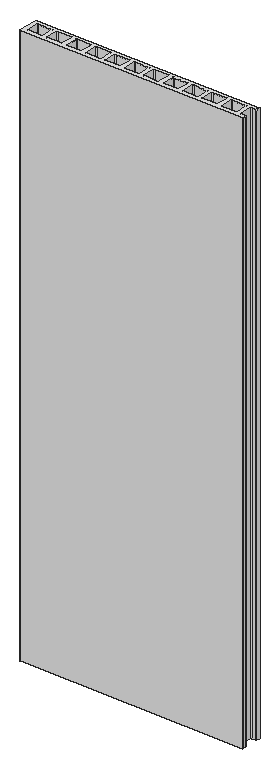
Revit family "ECP_MNH-7580A(オス側カット)", category 一般モデル, Revit 2022
Family settings
  鉄筋をホスト可能 = いいえ
  丸型コネクタ寸法 = 直径を使用
  パーツ タイプ = 標準
  作業面ベース = いいえ
  常に垂直 = はい
  ロード時にボイドで切り取り = はい
  注釈の向きを維持 = いいえ
  共有 = いいえ
  部屋計算ポイント = いいえ
Parameters (values of type "ECP_MNH-7580A")
  長さ [instance] = 2000 mm
  穴表示 = yes
  材質 = 40Msr_ECP
  既定の高さ = 0 mm
  既存長さ = 800 mm
  幅 [instance] = 790 mm
  固定寸法 = 790 mm
  厚さ = 75 mm
  オース側カット [instance] = 固定寸法 - 幅  # 0 mm
  4 オス側カット [instance] = yes
Reference planes
  plane 1 "中心(正面/背面)": y = 0
  plane 2: z = 0
  plane 3 "中心(左/右)": x = 0
  plane 4: y = -37.5
  plane 5: y = 37.5
  plane 6: z = 2000
  plane 7: x = 790
  plane 8: x = 0
Forms (mm)
  Extrusion 1, solid, material "40Msr_ECP" <- "材質", detail levels fine
    sketch origin (0, 0, 0) x (1, 0, 0) y (0, 1, 0)
      loop
        line (0, -35.5) -> (2, -37.5) -> (788, -37.5) -> (790, -35.5) -> (790, -25.5)
        arc (790, -25.5) -> (789.121, -23.379) -> (787, -22.5) r 3
        line (787, -22.5) -> (773, -22.5)
        arc (773, -22.5) -> (770.879, -21.621) -> (770, -19.5) r 3
        line (770, -19.5) -> (770, 19.5)
        arc (770, 19.5) -> (770.879, 21.621) -> (773, 22.5) r 3
        line (773, 22.5) -> (787, 22.5)
        arc (787, 22.5) -> (789.121, 23.379) -> (790, 25.5) r 3
        line (790, 25.5) -> (790, 35.5) -> (788, 37.5) -> (2, 37.5) -> (0, 35.5) -> (0, 22.5)
        arc (0, 22.5) -> (-0.879, 20.379) -> (-3, 19.5) r 3
        line (-3, 19.5) -> (-17, 19.5)
        arc (-17, 19.5) -> (-19.121, 18.621) -> (-20, 16.5) r 3
        line (-20, 16.5) -> (-20, -16.5)
        arc (-20, -16.5) -> (-19.121, -18.621) -> (-17, -19.5) r 3
        line (-17, -19.5) -> (-3, -19.5)
        arc (-3, -19.5) -> (-0.879, -20.379) -> (0, -22.5) r 3
        line (0, -22.5) -> (0, -35.5)
    from 0 to 2000
  Extrusion 2, void
    sketch origin (-50, 0, 0) x (1, 0, 0) y (0, 1, 0)
      loop
        line (30, -37.5) -> (50, -37.5) -> (50, 37.5) -> (30, 37.5) -> (30, -37.5)
    from 0 to 2000
  Extrusion 3, void
    sketch origin (-617, 0, 0) x (1, 0, 0) y (0, 1, 0)
      loop
        line (634.15, -22.5) -> (682.85, -22.5)
        arc (682.85, -22.5) -> (684.972, -21.621) -> (685.85, -19.5) r 3
        line (685.85, -19.5) -> (685.85, 19.5)
        arc (685.85, 19.5) -> (684.972, 21.621) -> (682.85, 22.5) r 3
        line (682.85, 22.5) -> (634.15, 22.5)
        arc (634.15, 22.5) -> (632.029, 21.621) -> (631.15, 19.5) r 3
        line (631.15, 19.5) -> (631.15, -19.5)
        arc (631.15, -19.5) -> (632.029, -21.621) -> (634.15, -22.5) r 3
      loop
        line (702.85, -22.5) -> (751.55, -22.5)
        arc (751.55, -22.5) -> (753.672, -21.621) -> (754.55, -19.5) r 3
        line (754.55, -19.5) -> (754.55, 19.5)
        arc (754.55, 19.5) -> (753.672, 21.621) -> (751.55, 22.5) r 3
        line (751.55, 22.5) -> (702.85, 22.5)
        arc (702.85, 22.5) -> (700.729, 21.621) -> (699.85, 19.5) r 3
        line (699.85, 19.5) -> (699.85, -19.5)
        arc (699.85, -19.5) -> (700.729, -21.621) -> (702.85, -22.5) r 3
      loop
        line (771.5, -22.5) -> (820.25, -22.5)
        arc (820.25, -22.5) -> (822.372, -21.621) -> (823.25, -19.5) r 3
        line (823.25, -19.5) -> (823.25, 19.5)
        arc (823.25, 19.5) -> (822.372, 21.621) -> (820.25, 22.5) r 3
        line (820.25, 22.5) -> (771.5, 22.5)
        arc (771.5, 22.5) -> (769.379, 21.621) -> (768.5, 19.5) r 3
        line (768.5, 19.5) -> (768.5, -19.5)
        arc (768.5, -19.5) -> (769.379, -21.621) -> (771.5, -22.5) r 3
      loop
        line (840.25, -22.5) -> (888.95, -22.5)
        arc (888.95, -22.5) -> (891.072, -21.621) -> (891.95, -19.5) r 3
        line (891.95, -19.5) -> (891.95, 19.5)
        arc (891.95, 19.5) -> (891.072, 21.621) -> (888.95, 22.5) r 3
        line (888.95, 22.5) -> (840.25, 22.5)
        arc (840.25, 22.5) -> (838.129, 21.621) -> (837.25, 19.5) r 3
        line (837.25, 19.5) -> (837.25, -19.5)
        arc (837.25, -19.5) -> (838.129, -21.621) -> (840.25, -22.5) r 3
      loop
        line (908.95, -22.5) -> (957.65, -22.5)
        arc (957.65, -22.5) -> (959.772, -21.621) -> (960.65, -19.5) r 3
        line (960.65, -19.5) -> (960.65, 19.5)
        arc (960.65, 19.5) -> (959.772, 21.621) -> (957.65, 22.5) r 3
        line (957.65, 22.5) -> (908.95, 22.5)
        arc (908.95, 22.5) -> (906.829, 21.621) -> (905.95, 19.5) r 3
        line (905.95, 19.5) -> (905.95, -19.5)
        arc (905.95, -19.5) -> (906.829, -21.621) -> (908.95, -22.5) r 3
      loop
        line (977.65, -22.5) -> (1026.35, -22.5)
        arc (1026.35, -22.5) -> (1028.472, -21.621) -> (1029.35, -19.5) r 3
        line (1029.35, -19.5) -> (1029.35, 19.5)
        arc (1029.35, 19.5) -> (1028.472, 21.621) -> (1026.35, 22.5) r 3
        line (1026.35, 22.5) -> (977.65, 22.5)
        arc (977.65, 22.5) -> (975.529, 21.621) -> (974.65, 19.5) r 3
        line (974.65, 19.5) -> (974.65, -19.5)
        arc (974.65, -19.5) -> (975.529, -21.621) -> (977.65, -22.5) r 3
      loop
        line (1046.35, -22.5) -> (1095.05, -22.5)
        arc (1095.05, -22.5) -> (1097.172, -21.621) -> (1098.05, -19.5) r 3
        line (1098.05, -19.5) -> (1098.05, 19.5)
        arc (1098.05, 19.5) -> (1097.172, 21.621) -> (1095.05, 22.5) r 3
        line (1095.05, 22.5) -> (1046.35, 22.5)
        arc (1046.35, 22.5) -> (1044.229, 21.621) -> (1043.35, 19.5) r 3
        line (1043.35, 19.5) -> (1043.35, -19.5)
        arc (1043.35, -19.5) -> (1044.229, -21.621) -> (1046.35, -22.5) r 3
      loop
        line (1115.05, -22.5) -> (1163.75, -22.5)
        arc (1163.75, -22.5) -> (1165.872, -21.621) -> (1166.75, -19.5) r 3
        line (1166.75, -19.5) -> (1166.75, 19.5)
        arc (1166.75, 19.5) -> (1165.872, 21.621) -> (1163.75, 22.5) r 3
        line (1163.75, 22.5) -> (1115.05, 22.5)
        arc (1115.05, 22.5) -> (1112.929, 21.621) -> (1112.05, 19.5) r 3
        line (1112.05, 19.5) -> (1112.05, -19.5)
        arc (1112.05, -19.5) -> (1112.929, -21.621) -> (1115.05, -22.5) r 3
      loop
        arc (1183.75, 22.5) -> (1181.629, 21.621) -> (1180.75, 19.5) r 3
        line (1180.75, 19.5) -> (1180.75, -19.5)
        arc (1180.75, -19.5) -> (1181.629, -21.621) -> (1183.75, -22.5) r 3
        line (1183.75, -22.5) -> (1232.45, -22.5)
        arc (1232.45, -22.5) -> (1234.572, -21.621) -> (1235.45, -19.5) r 3
        line (1235.45, -19.5) -> (1235.45, 19.5)
        arc (1235.45, 19.5) -> (1234.572, 21.621) -> (1232.45, 22.5) r 3
        line (1232.45, 22.5) -> (1183.75, 22.5)
      loop
        arc (1252.45, 22.5) -> (1250.329, 21.621) -> (1249.45, 19.5) r 3
        line (1249.45, 19.5) -> (1249.45, -19.5)
        arc (1249.45, -19.5) -> (1250.329, -21.621) -> (1252.45, -22.5) r 3
        line (1252.45, -22.5) -> (1301.15, -22.5)
        arc (1301.15, -22.5) -> (1303.272, -21.621) -> (1304.15, -19.5) r 3
        line (1304.15, -19.5) -> (1304.15, 19.5)
        arc (1304.15, 19.5) -> (1303.272, 21.621) -> (1301.15, 22.5) r 3
        line (1301.15, 22.5) -> (1252.45, 22.5)
      loop
        arc (1321.15, 22.5) -> (1319.029, 21.621) -> (1318.15, 19.5) r 3
        line (1318.15, 19.5) -> (1318.15, -19.5)
        arc (1318.15, -19.5) -> (1319.029, -21.621) -> (1321.15, -22.5) r 3
        line (1321.15, -22.5) -> (1369.85, -22.5)
        arc (1369.85, -22.5) -> (1371.972, -21.621) -> (1372.85, -19.5) r 3
        line (1372.85, -19.5) -> (1372.85, 19.5)
        arc (1372.85, 19.5) -> (1371.972, 21.621) -> (1369.85, 22.5) r 3
        line (1369.85, 22.5) -> (1321.15, 22.5)
    from 0 to 2000
Cuts and joins
  Extrusion 2, Extrusion 3 cuts Extrusion 1
Lines and regions (mm)
  symbolic lines, style "ECPパネル", detail levels coarse+medium
    curve 1: line (0, 37.5, 0) -> (790, 37.5, 0)
    curve 2: line (0, -37.5, 0) -> (0, 37.5, 0)
    curve 3: line (790, -37.5, 0) -> (0, -37.5, 0)
    curve 4: line (790, 37.5, 0) -> (790, -37.5, 0)
    curve 5: line (0, 0, 0) -> (790, 0, 0)
    curve 6: line (0, 0, 2000) -> (0, 0, 0)
    curve 7: line (790, 0, 2000) -> (0, 0, 2000)
    curve 8: line (790, 0, 0) -> (790, 0, 2000)
    curve 9: line (0, -37.5, 2000) -> (0, 37.5, 2000)
    curve 10: line (0, -37.5, 0) -> (0, -37.5, 2000)
    curve 11: line (0, 37.5, 0) -> (0, -37.5, 0)
    curve 12: line (0, 37.5, 2000) -> (0, 37.5, 0)
Dimensions and locks
  "厚さ": plane 4 to plane 5
  "長さ": plane 6 to level
  equal spacing: plane 4, plane 1 "中心(正面/背面)", plane 5
  "長さ": cut or joined group of Extrusion 1, Extrusion 2, Extrusion 3 to level
  "長さ": Extrusion 2 to level
  "幅": cut or joined group of Extrusion 1, Extrusion 2, Extrusion 3 to curve 8
  "長さ": level to Extrusion 3
  "固定寸法": plane 3 "中心(左/右)" to cut or joined group of Extrusion 1, Extrusion 2, Extrusion 3
  "幅": plane 8 to plane 7
  "オース側カット": plane 3 "中心(左/右)" to Extrusion 2 sketch curve
  aligned and locked: level to plane 2
Automatic sketch dimensions
  curve 11 to level = 0 mm
  curve 11 to plane 4 = 0 mm
  curve 11 to plane 5 = 0 mm
  curve 10 to plane 6 = 0 mm
  curve 7 to plane 3 "中心(左/右)" = 0 mm
  curve 5 to level = 0 mm
  curve 7 to plane 6 = 0 mm
  Extrusion 1 sketch curve to plane 3 "中心(左/右)" = 0 mm  (x2)
  plane 5 to Extrusion 1 sketch curve = 0 mm
  plane 4 to Extrusion 1 sketch curve = 0 mm
  Extrusion 1 sketch curve to plane 3 "中心(左/右)" = 3 mm  (x2)
  Extrusion 1 sketch curve to Extrusion 1 sketch curve = 14 mm  (x4)
  Extrusion 1 sketch curve to Extrusion 1 sketch curve = 3 mm  (x3)
  plane 3 "中心(左/右)" to Extrusion 1 sketch curve = 2 mm  (x2)
  plane 1 "中心(正面/背面)" to Extrusion 1 sketch curve = 19.5 mm
  Extrusion 1 sketch curve to Extrusion 1 sketch curve = 1 mm  (x2)
  Extrusion 1 sketch curve to Extrusion 1 sketch curve = 2 mm  (x2)
  Extrusion 1 sketch curve to plane 4 = 2 mm  (x2)
  Extrusion 1 sketch curve to Extrusion 1 sketch curve = 13 mm
  Extrusion 1 sketch curve to plane 1 "中心(正面/背面)" = 16.5 mm
  Extrusion 1 sketch curve to plane 1 "中心(正面/背面)" = 19.5 mm
  plane 5 to Extrusion 1 sketch curve = 2 mm  (x2)
  plane 3 "中心(左/右)" to Extrusion 3 sketch curve = 14.15 mm
  Extrusion 3 sketch curve to Extrusion 3 sketch curve = 3 mm  (x34)
  plane 5 to Extrusion 3 sketch curve = 15 mm  (x11)
  Extrusion 3 sketch curve to Extrusion 3 sketch curve = 48.7 mm  (x10)
  Extrusion 3 sketch curve to Extrusion 3 sketch curve = 0 mm  (x10)
  Extrusion 3 sketch curve to Extrusion 3 sketch curve = 14 mm  (x9)
  Extrusion 3 sketch curve to Extrusion 3 sketch curve = 13.95 mm
  plane 1 "中心(正面/背面)" to Extrusion 3 sketch curve = 19.5 mm  (x4)
  Extrusion 3 sketch curve to Extrusion 3 sketch curve = 48.75 mm
  Extrusion 3 sketch curve to plane 4 = 15 mm  (x7)
  Extrusion 1 sketch curve to Extrusion 1 sketch curve = 768 mm
  plane 4 to Extrusion 2 sketch curve = 0 mm
  plane 5 to Extrusion 2 sketch curve = 0 mm
  Extrusion 2 sketch curve to plane 3 "中心(左/右)" = 20 mm
  plane 4 to curve 2 = 0 mm
  curve 2 to plane 8 = 0 mm
  curve 4 to plane 7 = 0 mm
  plane 5 to curve 1 = 0 mm
